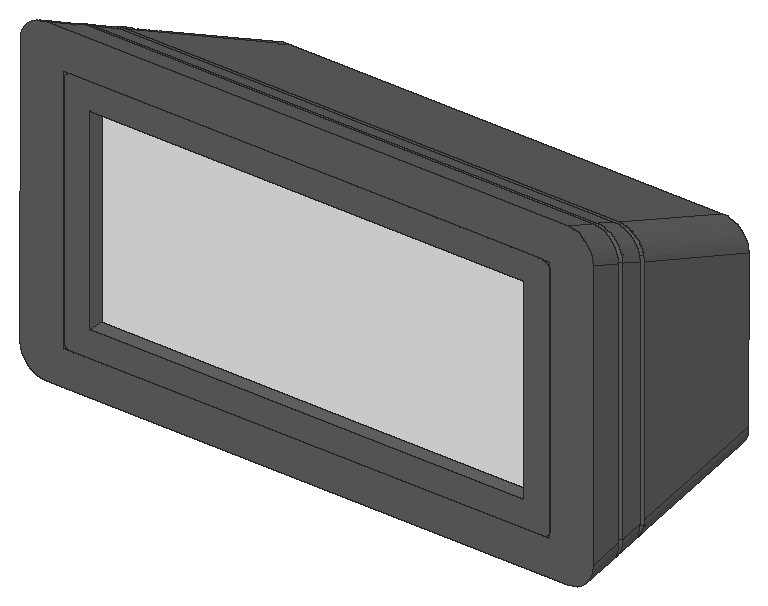
Revit family "TRP2", category Lighting Fixtures, host Face, Revit 2014
Parameters (values of type "TRP2")
  Wattage Comments = "30W"
  Wattage = 30 W
  built-in parameter 1150110 = 1 (stored number, unit not read)
  URL = "https://www.hubbell.com/hubbelllightingci/en"
  built-in parameter 1114217 = 1 (stored number, unit not read)
  Tilt Angle = 70.00°
  built-in parameter 1150109 = 1 (stored number, unit not read)
  built-in parameter 1150134 = 3
  built-in parameter 1150113 = 1 (stored number, unit not read)
  Product Page URL = "https://www.hubbell.com/hubbelllightingci/en/Products/Lighting-Controls/Commercial-Outdoor-Lighting/Wall-Mount/RDI2-GeoPak/p/2518988"
  Product Documentation Link = "https://hubbellcdn.com/specsheet/Geopak%20TRP2%20RDI2%20LOW%20GLARE.pdf"
  Photometric Web File = "TRP2-24L-30-3K7-1.ies"
  Model = "TRP2"  # constant formula
  Manufacturer = "Hubbell Lighting"  # constant formula
  built-in parameter 1150105 = -14137770.2 (stored number, unit not read)
  Lumens = 3930 lm
  built-in parameter 1150115 = 1 (stored number, unit not read)
  built-in parameter 1150137 = (empty or 0)
  built-in parameter 1150139 = (empty or 0)
  built-in parameter 1150112 = 1 (stored number, unit not read)
  built-in parameter 1150114 = 1 (stored number, unit not read)
  Lamp = "One"
  Opal lens = Glass - Hubbell - White
  built-in parameter 1150132 = (empty or 0)
  built-in parameter 1150102 = (empty or 0)
  built-in parameter 1150107 = 3200 (stored number, unit not read)
  built-in parameter 1150138 = (empty or 0)
  built-in parameter 1150106 = -141377.7 (stored number, unit not read)
  Finish2 = White
  built-in parameter 1150104 = 12.17 (stored number, unit not read)
  Dimming Lamp Color Temperature Shift = <None>
  Description = "Mid sized architectural wallpacks in three stylish shapes with molded contours to accentuate building architecture. Provides excellent illumination in energy-saving LED systems."  # constant formula
  Default Elevation = 48"
  Finish = Paint - Hubbell - Textured Camera Black
  Color Filter = 16777215
  built-in parameter 1114218 = 1 (stored number, unit not read)
  built-in parameter 1150133 = 10 (stored number, unit not read)
Reference planes (in)
  plane 1 "Center (Front/Back)": y = 2
  plane 2: z = 0
  plane 3 "Center (Left/Right)": x = 0
  plane 4: y = -5.13
  plane 5: z = 9.25
  plane 6: x = 8.25
  plane 7: x = -8.25
  plane 8: y = -3.88
Forms (in)
  SweptBlend 1, solid, material "Paint - Hubbell - Textured Camera Black" <- "Finish"
    path origin (0, 0, 0) x (0, 1, 0) y (0, 0, 1)
      loop
        line (2, 4.625) -> (-5.13, 4.625)
    profile origin (0, 2, 4.625) x (0, 0, -1) y (1, 0, 0)
      loop
        arc (-1.375, -6.25) -> (-1.15533, -6.78033) -> (-0.625, -7) r 0.75
        line (-0.625, -7) -> (3.875, -7)
        arc (3.875, -7) -> (4.40533, -6.78033) -> (4.625, -6.25) r 0.75
        line (4.625, -6.25) -> (4.625, 6.25)
        arc (4.625, 6.25) -> (4.40533, 6.78033) -> (3.875, 7) r 0.75
        line (3.875, 7) -> (-0.625, 7)
        arc (-0.625, 7) -> (-1.15533, 6.78033) -> (-1.375, 6.25) r 0.75
        line (-1.375, 6.25) -> (-1.375, -6.25)
    end profile origin (0, -5.13, 4.625) x (0, 0, -1) y (1, 0, 0)
      loop
        arc (-4.625, -7.5) -> (-4.40533, -8.03033) -> (-3.875, -8.25) r 0.75
        line (-3.875, -8.25) -> (3.875, -8.25)
        arc (3.875, -8.25) -> (4.40533, -8.03033) -> (4.625, -7.5) r 0.75
        line (4.625, -7.5) -> (4.625, 7.5)
        arc (4.625, 7.5) -> (4.40533, 8.03033) -> (3.875, 8.25) r 0.75
        line (3.875, 8.25) -> (-3.875, 8.25)
        arc (-3.875, 8.25) -> (-4.40533, 8.03033) -> (-4.625, 7.5) r 0.75
        line (-4.625, 7.5) -> (-4.625, -7.5)
  Extrusion 2, void
    sketch origin (0, 0, 0) x (0, -1, 0) y (0, 0, 1)
      loop
        line (-1, 5.35683) -> (-1, 1) -> (5.30627, 1) -> (5.30627, 8.23136) -> (-1, 5.35683)
    from -7 to 7
  Extrusion 3, solid, material "Paint - Hubbell - Textured Camera Black" <- "Finish"
    sketch origin (0, 2, 0) x (1, 0, 0) y (0, 0, 1)
      loop
        arc (-6.75, 8.15101) -> (-6.92678, 8.07779) -> (-7, 7.90101) r 0.25
        line (-7, 7.90101) -> (-7, 1.25)
        arc (-7, 1.25) -> (-6.92678, 1.07322) -> (-6.75, 1) r 0.25
        line (-6.75, 1) -> (6.75, 1)
        arc (6.75, 1) -> (6.92678, 1.07322) -> (7, 1.25) r 0.25
        line (7, 1.25) -> (7, 7.90101)
        arc (7, 7.90101) -> (6.92678, 8.07779) -> (6.75, 8.15101) r 0.25
        line (6.75, 8.15101) -> (-6.75, 8.15101)
      loop
        line (-6.25, 7.40101) -> (-6.25, 1.75) -> (6.25, 1.75) -> (6.25, 7.40101) -> (-6.25, 7.40101)
    from 6.6851 to 7.13
  Extrusion 4, solid, material "Glass - Hubbell - White" <- "Opal lens"
    sketch origin (0, 2, 0) x (1, 0, 0) y (0, 0, 1)
      loop
        line (-6.25, 7.40101) -> (-6.25, 1.75) -> (6.25, 1.75) -> (6.25, 7.40101) -> (-6.25, 7.40101)
    from 6.52156 to 6.6851
  Sweep 5, void
    path origin (0, -3.88, 10.14537) x (0, 0, 1) y (-1, 0, 0)
      loop
        arc (-10.14537, -7.2953) -> (-9.9257, -7.82563) -> (-9.39537, -8.0453) r 0.75
        line (-9.39537, -8.0453) -> (-2.25312, -8.0453)
        arc (-2.25312, -8.0453) -> (-1.72279, -7.82563) -> (-1.50312, -7.2953) r 0.75
        line (-1.50312, -7.2953) -> (-1.50312, 7.32124)
        arc (-1.50312, 7.32124) -> (-1.72279, 7.85157) -> (-2.25312, 8.07124) r 0.75
        line (-2.25312, 8.07124) -> (-9.39537, 8.07124)
        arc (-9.39537, 8.07124) -> (-9.9257, 7.85157) -> (-10.14537, 7.32124) r 0.75
    profile origin (-8.07124, -3.88, 4.32113) x (0, -1, 0) y (1, 0, 0)
      loop
        circle (0, 0) r 0.125
  Sweep 6, void
    path origin (0, -2.89519, 9.78422) x (0, 0, 1) y (-1, 0, 0)
      loop
        arc (-9.89537, -7.2953) -> (-9.6757, -7.82563) -> (-9.14537, -8.0453) r 0.75
        line (-9.14537, -8.0453) -> (-2.20624, -8.0453)
        arc (-2.20624, -8.0453) -> (-1.67591, -7.82563) -> (-1.45624, -7.2953) r 0.75
        line (-1.45624, -7.2953) -> (-1.45624, 7.25874)
        arc (-1.45624, 7.25874) -> (-1.67591, 7.78907) -> (-2.20624, 8.00874) r 0.75
        line (-2.20624, 8.00874) -> (-9.08287, 8.00874)
        arc (-9.08287, 8.00874) -> (-9.6132, 7.78907) -> (-9.83287, 7.25874) r 0.75
    profile origin (-8.00874, -2.89519, 4.13967) x (0, -1, 0) y (1, 0, 0)
      loop
        circle (0, 0.17188) r 0.125
Cuts and joins
  Extrusion 2, Sweep 5, Sweep 6 cuts SweptBlend 1
Dimensions and locks (in)
  aligned and locked: plane 2 to host face
  aligned and locked: level to host face
  aligned and locked: plane 1 "Center (Front/Back)" to SweptBlend 1 sketch curve
  aligned and locked: plane 4 to SweptBlend 1 sketch curve
  aligned and locked: SweptBlend 1 sketch curve to plane 5
  aligned and locked: SweptBlend 1 sketch curve to plane 6
  aligned and locked: SweptBlend 1 sketch curve to plane 7
  aligned and locked: Extrusion 2 to SweptBlend 1  (x2)
  aligned and locked: plane 4 to Extrusion 3
  aligned and locked: Extrusion 4 to Extrusion 3
Connectors (in)
  electrical at (0, 0, 0), driven by "Description"
    settings: index 1, voltage 0 V, apparent load 0 VA, apparent load phase1 0 VA, apparent load phase2 0 VA, apparent load phase3 0 VA, power factor 1, load classification "Other", number of poles 1, system type 30, power factor state 1, is connector primary yes, connector utility no, sub classification motor no, connector description "Mid sized architectural wallpacks in three stylish shapes with molded contours to accentuate building architecture. Provides excellent illumination in energy-saving LED systems."
